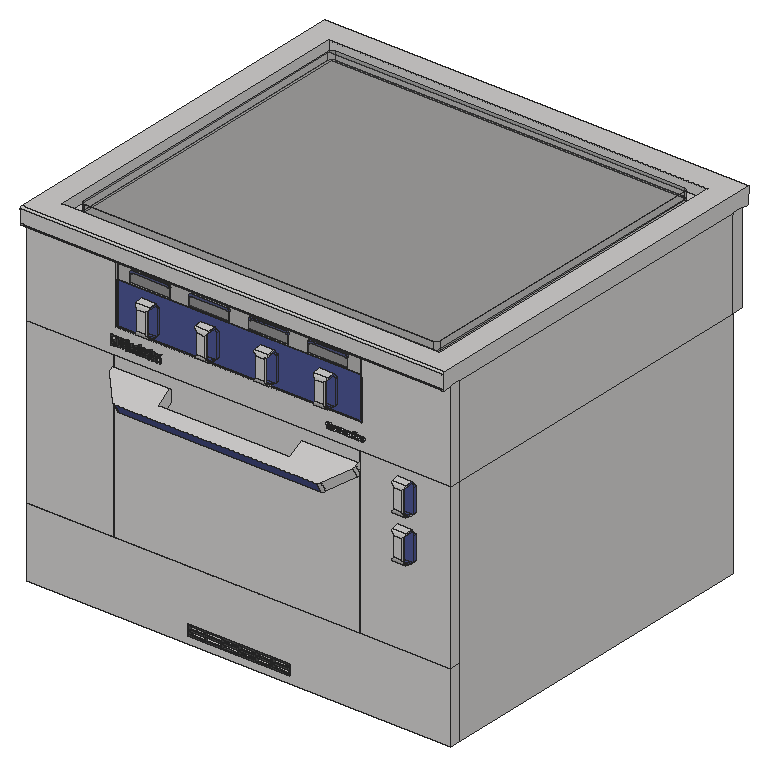
Revit family "QF_ELECTROLUXPROFESSIONAL_589668_MCIMFAJ8AO", category Attrezzature speciali, Revit 2020
Family settings
  Quota connettore circolare = Usa diametro
  Tipo di parte = Normale
  Basato su piano di lavoro = No
  Sempre verticale = Sì
  Taglio con vuoti quando caricato = No
  Condiviso = No
  Punto di calcolo locali = No
Parameters (values of type "Standard")
  Weight = 197.00 kg
  Watts = 25000 W
  Volts = 400 V
  URL Manufacturer = "https://www.electroluxprofessional.com/"
  URL = "https://www.electroluxprofessional.com/"
  Steam Supply Size = 0"
  Steam Supply Minimum Pressure = 0.00 psi
  Steam Supply Maximum Pressure = 0.00 psi
  Steam Consumption per Hour = 0
  Refrigeration Suction Line Size = 0 mm
  Refrigeration Liquid Line Size = 0 mm
  Refrigerant Compressor Remote = yes
  Prospetto di default = 0 mm
  Phase = 3
  Modello = "MCIMFAJ8AO"
  Produttore = "Electrolux Professional"
  Length Actual = 1000 mm  # constant formula
  Item Number = "589668"
  Hot Water Size = 0"
  Height Actual = 800 mm  # constant formula
  HP = "33.5 HP"
  Gas Size = 0"
  Gas KW = 0
  Gas Input Pressure = 0.0 Btu/h
  Direct Waste Size = 0"
  Descrizione = "INDUCTION,4Z,ST.OVEN,1S,1000X900X800H"
  Depth Actual = 900 mm  # constant formula
  Cycle = 50 Hz
  Condensate Return Size = 0"
  Compressed Air Volume = 0 GPM
  Compressed Air Size = 0"
  Compressed Air Pressure = 0.00 psi
  Cold Water Size = 0"
  Accessory = yes
Reference planes
  plane 1 "BACK": y = 0
  plane 2: z = 0
  plane 3 "LEFT": x = -100
  plane 4 "RIGHT": x = 900
  plane 5 "FRONT": y = -900
  plane 6 "TOP": z = 900
  plane 7 "Center (Left/Right)": x = 400
  plane 8: y = -450
  plane 9: z = 100
  plane 10: y = -150
  plane 11 "Panel": y = -855
  plane 12: z = 798
  plane 13: z = 1327
  plane 14: x = -22
  plane 15: x = 822
  plane 16: y = -150
  plane 17: y = -650
  plane 18 "EIx": x = 855
  plane 19 "EIy": y = -685
  plane 20: y = -880
  plane 21: z = 938
Forms (mm)
  Extrusion 1, solid, material "QF_Finishes_Stainless Steel"
    sketch origin (-178.969, -4572, 100) x (-1, 0, 0) y (0, -1, 0)
      loop
        line (-78.969, -4527) -> (-78.969, -3717) -> (-1078.969, -3717) -> (-1078.969, -4527) -> (-78.969, -4527)
    from 550 to 763
  Extrusion 2, solid, material "QF_Finishes_Stainless Steel"
    sketch origin (-100, 0, 0) x (0, 1, 0) y (0, 0, 1)
      loop
        line (-855, 100) -> (-855, 265) -> (-880, 265) -> (-880, 100) -> (-855, 100)
    from 0 to 1000
  Extrusion 3, solid, material "QF_Finishes_Stainless Steel"
    sketch origin (-488.969, -4662, 100) x (-1, 0, 0) y (0, -1, 0)
      loop
        circle (-1343.969, -3977) r 6.35
    from 0 to -11.851
  Extrusion 4, solid, material "QF_Finishes_Stainless Steel"
    sketch origin (400, 296.4, 1219.2) x (0, 1, 0) y (0, 0, 1)
      loop
        line (-296.4, -319.2) -> (-1191.4, -319.2)
        arc (-1191.4, -319.2) -> (-1194.935, -320.664) -> (-1196.4, -324.2) r 5
        line (-1196.4, -324.2) -> (-1196.4, -355.2)
        arc (-1196.4, -355.2) -> (-1194.971, -358.264) -> (-1191.705, -359.139) r 4
        line (-1191.705, -359.139) -> (-1176.4, -356.231) -> (-316.4, -356.231) -> (-301.094, -359.139)
        arc (-301.094, -359.139) -> (-297.829, -358.264) -> (-296.4, -355.2) r 4
        line (-296.4, -355.2) -> (-296.4, -319.2)
    from -500 to 500
  Extrusion 5, solid, material "QF_Finishes_Electrolux_Black Smoke Iluminated"
    sketch origin (0, 0, 900) x (-1, 0, 0) y (0, -1, 0)
      loop
        arc (12, 79) -> (19.071, 81.929) -> (22, 89) r 10
        line (22, 89) -> (22, 810)
        arc (22, 810) -> (19.071, 817.071) -> (12, 820) r 10
        line (12, 820) -> (-812, 820)
        arc (-812, 820) -> (-819.071, 817.071) -> (-822, 810) r 10
        line (-822, 810) -> (-822, 89)
        arc (-822, 89) -> (-819.071, 81.929) -> (-812, 79) r 10
        line (-812, 79) -> (12, 79)
    from 0 to -20
  Extrusion 6, solid, material "QF_Finishes_Stainless Steel"
    sketch origin (-178.969, -4572, 100) x (-1, 0, 0) y (0, -1, 0)
      loop
        line (-78.969, -4527) -> (-78.969, -3717) -> (-1078.969, -3717) -> (-1078.969, -4527) -> (-78.969, -4527)
    from 550 to 0
  Extrusion 7, void
    sketch origin (0, -855, 0) x (-1, 0, 0) y (0, 0, 1)
      loop
        line (-520, 116.594) -> (-280, 116.594) -> (-280, 141.594) -> (-520, 141.594) -> (-520, 116.594)
    from 0 to -25
  Extrusion 8, solid, material "QF_Finishes_Black"
    sketch origin (0, -855, 0) x (-1, 0, 0) y (0, 0, 1)
      loop
        line (-280, 141.594) -> (-520, 141.594) -> (-520, 116.594) -> (-280, 116.594) -> (-280, 141.594)
      loop
        line (-282, 139.594) -> (-319.131, 139.594) -> (-319.131, 130.094) -> (-282, 130.094) -> (-282, 139.594)
      loop
        line (-282, 118.594) -> (-282, 128.094) -> (-319.131, 128.094) -> (-319.131, 118.594) -> (-282, 118.594)
      loop
        line (-321.131, 139.594) -> (-359.066, 139.594) -> (-359.066, 130.094) -> (-321.131, 130.094) -> (-321.131, 139.594)
      loop
        line (-399, 139.594) -> (-399, 130.094) -> (-361.066, 130.094) -> (-361.066, 139.594) -> (-399, 139.594)
      loop
        line (-401, 139.594) -> (-438.934, 139.594) -> (-438.934, 130.094) -> (-401, 130.094) -> (-401, 139.594)
      loop
        line (-359.066, 118.594) -> (-321.131, 118.594) -> (-321.131, 128.094) -> (-359.066, 128.094) -> (-359.066, 118.594)
      loop
        line (-361.066, 118.594) -> (-361.066, 128.094) -> (-399, 128.094) -> (-399, 118.594) -> (-361.066, 118.594)
      loop
        line (-401, 128.094) -> (-438.934, 128.094) -> (-438.934, 118.594) -> (-401, 118.594) -> (-401, 128.094)
      loop
        line (-518, 139.594) -> (-518, 130.094) -> (-480.869, 130.094) -> (-480.869, 139.594) -> (-518, 139.594)
      loop
        line (-518, 118.594) -> (-480.869, 118.594) -> (-480.869, 128.094) -> (-518, 128.094) -> (-518, 118.594)
      loop
        line (-478.869, 139.594) -> (-478.869, 130.094) -> (-440.934, 130.094) -> (-440.934, 139.594) -> (-478.869, 139.594)
      loop
        line (-440.934, 118.594) -> (-440.934, 128.094) -> (-478.869, 128.094) -> (-478.869, 118.594) -> (-440.934, 118.594)
    from -25.03 to -20
  Extrusion 9, void
    sketch origin (0, 0, 900) x (-1, 0, 0) y (0, -1, 0)
      loop
        line (47, 845) -> (-847, 845) -> (-847, 54) -> (47, 54) -> (47, 845)
    from 0 to -25
  Extrusion 10, solid, material "QF_Finishes_Stainless Steel"
    sketch origin (0, 0, 900) x (-1, 0, 0) y (0, -1, 0)
      loop
        line (18, 83) -> (18, 816) -> (-818, 816) -> (-818, 83) -> (18, 83)
    from -20 to -25
  Extrusion 11, solid, material "QF_Finishes_Stainless Steel"
    sketch origin (400, 296.4, 1219.2) x (0, 1, 0) y (0, 0, 1)
      loop
        line (-341.4, -569.2) -> (-316.4, -569.2) -> (-316.4, -356.231) -> (-341.4, -356.231) -> (-341.4, -569.2)
    from -500 to 500
Cuts and joins
  Extrusion 7 cuts Extrusion 6
  Extrusion 7 cuts Extrusion 2
  Extrusion 9 cuts Extrusion 4
Lines and regions (mm)
  symbolic lines
    curve 1: line (-100, 0, 100) -> (900, 0, 100)
    curve 2: line (-100, -900, 100) -> (-100, 0, 100)
    curve 3: line (900, -900, 100) -> (-100, -900, 100)
    curve 4: line (900, 0, 100) -> (900, -900, 100)
    curve 5: line (812, -79, 100) -> (-12, -79, 100)
    curve 6: line (-22, -89, 100) -> (-22, -810, 100)
    curve 7: line (-12, -820, 100) -> (812, -820, 100)
    curve 8: line (822, -810, 100) -> (822, -89, 100)
    curve 9: arc (-12, -79, 100) -> (-19.071, -81.929, 100) -> (-22, -89, 100) r 10
    curve 10: arc (822, -89, 100) -> (819.071, -81.929, 100) -> (812, -79, 100) r 10
    curve 11: arc (812, -820, 100) -> (819.071, -817.071, 100) -> (822, -810, 100) r 10
    curve 12: arc (-22, -810, 100) -> (-19.071, -817.071, 100) -> (-12, -820, 100) r 10
    curve 13: line (847, -54, 900) -> (-47, -54, 900)
    curve 14: line (-47, -54, 900) -> (-47, -845, 900)
    curve 15: line (847, -845, 900) -> (847, -54, 900)
    curve 16: line (-47, -845, 900) -> (847, -845, 900)
    curve 55: line (-100, -2, 900) -> (900, -2, 900)
  model lines
    curve 17: line (64.474, -422.012, 900) -> (46.796, -404.335, 900)
    curve 18: line (46.796, -404.335, 900) -> (46.796, -169.335, 900)
    curve 19: line (46.796, -169.335, 900) -> (64.474, -151.657, 900)
    curve 20: line (183.85, -245.603, 900) -> (183.85, -325.603, 900)
    curve 21: line (143.85, -285.603, 900) -> (223.85, -285.603, 900)
    curve 22: line (303.226, -422.012, 900) -> (320.903, -404.335, 900)
    curve 23: line (320.903, -404.335, 900) -> (320.903, -169.335, 900)
    curve 24: line (320.903, -169.335, 900) -> (303.226, -151.657, 900)
    curve 25: line (494.474, -422.012, 900) -> (476.796, -404.335, 900)
    curve 26: line (476.796, -404.335, 900) -> (476.796, -169.335, 900)
    curve 27: line (476.796, -169.335, 900) -> (494.474, -151.657, 900)
    curve 28: line (613.85, -245.603, 900) -> (613.85, -325.603, 900)
    curve 29: line (573.85, -285.603, 900) -> (653.85, -285.603, 900)
    curve 30: line (733.226, -422.012, 900) -> (750.903, -404.335, 900)
    curve 31: line (750.903, -404.335, 900) -> (750.903, -169.335, 900)
    curve 32: line (750.903, -169.335, 900) -> (733.226, -151.657, 900)
    curve 33: line (64.474, -477.988, 900) -> (46.796, -495.665, 900)
    curve 34: line (46.796, -495.665, 900) -> (46.796, -730.665, 900)
    curve 35: line (46.796, -730.665, 900) -> (64.474, -748.343, 900)
    curve 36: line (183.85, -654.397, 900) -> (183.85, -574.397, 900)
    curve 37: line (143.85, -614.397, 900) -> (223.85, -614.397, 900)
    curve 38: line (303.226, -477.988, 900) -> (320.903, -495.665, 900)
    curve 39: line (320.903, -495.665, 900) -> (320.903, -730.665, 900)
    curve 40: line (320.903, -730.665, 900) -> (303.226, -748.343, 900)
    curve 41: line (494.474, -477.988, 900) -> (476.796, -495.665, 900)
    curve 42: line (476.796, -495.665, 900) -> (476.796, -730.665, 900)
    curve 43: line (476.796, -730.665, 900) -> (494.474, -748.343, 900)
    curve 44: line (613.85, -654.397, 900) -> (613.85, -574.397, 900)
    curve 45: line (573.85, -614.397, 900) -> (653.85, -614.397, 900)
    curve 46: line (733.226, -477.988, 900) -> (750.903, -495.665, 900)
    curve 47: line (750.903, -495.665, 900) -> (750.903, -730.665, 900)
    curve 48: line (750.903, -730.665, 900) -> (733.226, -748.343, 900)
    curve 49: line (-7.896, -110.891, 900) -> (13.317, -89.677, 900)
    curve 50: line (13.317, -89.677, 900) -> (786.683, -89.677, 900)
    curve 51: line (807.896, -110.891, 900) -> (786.683, -89.677, 900)
    curve 52: line (-7.896, -789.109, 900) -> (13.317, -810.323, 900)
    curve 53: line (13.317, -810.323, 900) -> (786.683, -810.323, 900)
    curve 54: line (807.896, -789.109, 900) -> (786.683, -810.323, 900)
Dimensions and locks
  plane 3 "LEFT" to plane 4 "RIGHT" = 1000 mm
  plane 5 "FRONT" to plane 1 "BACK" = 900 mm
  plane 3 "LEFT" to plane 7 "Center (Left/Right)" to plane 4 "RIGHT" = 500 mm, 500 mm
  equal spacing: plane 5 "FRONT", plane 8, plane 1 "BACK"
  plane 6 "TOP" to level = 900 mm  (x2)
  plane 9 to level = 100 mm
  plane 1 "BACK" to plane 10 to plane 11 "Panel" = 150 mm, 705 mm  (x2)
  plane 6 "TOP" to plane 9 to level = 800 mm, 100 mm
  plane 1 "BACK" to plane 5 "FRONT" = 900 mm
  plane 1 "BACK" to Extrusion 3 = 685 mm
  plane 12 to plane 9 = 698 mm
  plane 13 to plane 6 "TOP" = 427 mm
  plane 6 "TOP" to plane 12 = 102 mm
  plane 14 to plane 3 "LEFT" = 78 mm
  plane 15 to plane 4 "RIGHT" = 78 mm
  locked: plane 1 "BACK" to plane 16 at 150
  locked: plane 16 to plane 17 at 500
  plane 11 "Panel" to plane 5 "FRONT" = 45 mm
  plane 18 "EIx" to plane 4 "RIGHT" = 45 mm
  plane 19 "EIy" to plane 1 "BACK" = 685 mm
  locked: plane 11 "Panel" to plane 20 at 25
  plane 21 to plane 6 "TOP" = 38 mm
  aligned and locked: level to plane 2
  aligned and locked: Extrusion 2 to plane 4 "RIGHT"
  aligned and locked: cut or joined group of Extrusion 4, Extrusion 9 to plane 3 "LEFT"
  aligned and locked: cut or joined group of Extrusion 4, Extrusion 9 to plane 4 "RIGHT"
  aligned and locked: cut or joined group of Extrusion 6, Extrusion 7 to plane 4 "RIGHT"
  aligned and locked: cut or joined group of Extrusion 6, Extrusion 7 to plane 3 "LEFT"
  aligned and locked: nested 1 to plane 11 "Panel"
  aligned and locked: nested 4 to plane 11 "Panel"
  aligned and locked: Extrusion 1 to plane 11 "Panel"
  aligned and locked: plane 11 "Panel" to cut or joined group of Extrusion 2, Extrusion 7
  aligned and locked: nested 2 to plane 20
  aligned and locked: nested 3 to plane 20
  aligned and locked: Extrusion 1 to plane 3 "LEFT"
  aligned and locked: Extrusion 1 to plane 4 "RIGHT"
  aligned and locked: plane 3 "LEFT" to nested 1
Automatic sketch dimensions
  Extrusion 3 sketch curve to plane 18 "EIx" = 0 mm
  Extrusion 3 sketch curve to plane 19 "EIy" = 0 mm
  Extrusion 4 sketch curve to plane 5 "FRONT" = 0 mm
  Extrusion 4 sketch curve to plane 6 "TOP" = 0 mm
  Extrusion 4 sketch curve to plane 20 = 0 mm
  Extrusion 4 sketch curve to plane 1 "BACK" = 0 mm
  Extrusion 4 sketch curve to Extrusion 4 sketch curve = 4 mm
  Extrusion 4 sketch curve to Extrusion 4 sketch curve = 0.695 mm
  Extrusion 4 sketch curve to plane 5 "FRONT" = 5 mm
  plane 1 "BACK" to Extrusion 4 sketch curve = 20 mm
  plane 1 "BACK" to Extrusion 4 sketch curve = 4.695 mm
  plane 1 "BACK" to Extrusion 4 sketch curve = 4 mm
  Extrusion 4 sketch curve to Extrusion 4 sketch curve = 31 mm
  Extrusion 4 sketch curve to Extrusion 4 sketch curve = 36 mm
  Extrusion 4 sketch curve to Extrusion 4 sketch curve = 2.909 mm
  Extrusion 1 sketch curve to plane 4 "RIGHT" = 0 mm
  Extrusion 1 sketch curve to plane 3 "LEFT" = 0 mm
  Extrusion 1 sketch curve to plane 11 "Panel" = 0 mm
  plane 1 "BACK" to Extrusion 1 sketch curve = 45 mm
  Extrusion 2 sketch curve to plane 9 = 0 mm
  Extrusion 2 sketch curve to plane 20 = 0 mm
  Extrusion 2 sketch curve to plane 11 "Panel" = 0 mm
  plane 9 to Extrusion 2 sketch curve = 165 mm
  plane 1 "BACK" to curve 1 = 0 mm
  curve 1 to plane 4 "RIGHT" = 0 mm
  curve 8 to plane 15 = 0 mm
  curve 6 to plane 14 = 0 mm
  curve 2 to plane 3 "LEFT" = 0 mm
  plane 5 "FRONT" to curve 3 = 0 mm
  plane 15 to curve 5 = 10 mm
  plane 15 to curve 11 = 10 mm
  curve 5 to plane 14 = 10 mm
  curve 12 to curve 12 = 10 mm
  plane 10 to curve 5 = 71 mm
  plane 11 "Panel" to curve 11 = 45 mm
  Extrusion 5 sketch curve to plane 15 = 0 mm
  Extrusion 5 sketch curve to plane 14 = 0 mm
  plane 15 to Extrusion 5 sketch curve = 10 mm  (x2)
  Extrusion 5 sketch curve to Extrusion 5 sketch curve = 10 mm  (x2)
  plane 10 to Extrusion 5 sketch curve = 71 mm
  plane 11 "Panel" to Extrusion 5 sketch curve = 45 mm
  Extrusion 6 sketch curve to plane 4 "RIGHT" = 0 mm
  Extrusion 6 sketch curve to plane 3 "LEFT" = 0 mm
  Extrusion 6 sketch curve to plane 11 "Panel" = 0 mm
  plane 1 "BACK" to Extrusion 6 sketch curve = 45 mm
  plane 9 to Extrusion 7 sketch curve = 41.594 mm
  plane 7 "Center (Left/Right)" to Extrusion 7 sketch curve = 120 mm
  Extrusion 7 sketch curve to plane 7 "Center (Left/Right)" = 120 mm
  plane 9 to Extrusion 7 sketch curve = 16.594 mm
  plane 9 to Extrusion 8 sketch curve = 41.594 mm
  plane 7 "Center (Left/Right)" to Extrusion 8 sketch curve = 120 mm
  Extrusion 8 sketch curve to Extrusion 8 sketch curve = 2 mm  (x16)
  Extrusion 8 sketch curve to Extrusion 8 sketch curve = 0 mm  (x15)
  Extrusion 8 sketch curve to Extrusion 8 sketch curve = 37.131 mm  (x2)
  Extrusion 8 sketch curve to Extrusion 8 sketch curve = 37.934 mm  (x3)
  plane 7 "Center (Left/Right)" to Extrusion 8 sketch curve = 1 mm  (x2)
  Extrusion 8 sketch curve to plane 7 "Center (Left/Right)" = 1 mm  (x2)
  plane 9 to Extrusion 8 sketch curve = 18.594 mm  (x4)
  Extrusion 8 sketch curve to Extrusion 8 sketch curve = 9.5 mm  (x6)
  plane 18 "EIx" to Extrusion 9 sketch curve = 8 mm
  plane 14 to Extrusion 9 sketch curve = 25 mm
  plane 1 "BACK" to Extrusion 9 sketch curve = 54 mm
  plane 11 "Panel" to Extrusion 9 sketch curve = 10 mm
  plane 15 to Extrusion 10 sketch curve = 4 mm
  Extrusion 10 sketch curve to plane 14 = 4 mm
  plane 10 to Extrusion 10 sketch curve = 67 mm
  plane 11 "Panel" to Extrusion 10 sketch curve = 39 mm
  plane 18 "EIx" to curve 15 = 8 mm
  plane 15 to curve 51 = 35.317 mm
  plane 15 to curve 53 = 35.317 mm
  curve 32 to plane 10 = 19.335 mm
  plane 15 to curve 32 = 71.097 mm
  plane 15 to curve 48 = 71.097 mm
  plane 7 "Center (Left/Right)" to curve 26 = 76.796 mm
  plane 7 "Center (Left/Right)" to curve 42 = 76.796 mm
  curve 38 to plane 7 "Center (Left/Right)" = 79.097 mm
  curve 23 to plane 10 = 19.335 mm
  curve 23 to plane 7 "Center (Left/Right)" = 79.097 mm
  curve 35 to plane 14 = 68.796 mm
  curve 17 to plane 14 = 68.796 mm
  curve 50 to plane 14 = 35.317 mm
  curve 53 to plane 14 = 35.317 mm
  plane 14 to curve 14 = 25 mm
  plane 10 to curve 49 = 60.323 mm
  plane 1 "BACK" to curve 15 = 54 mm
  curve 18 to plane 10 = 19.335 mm
  curve 27 to plane 10 = 19.335 mm
  plane 8 to curve 18 = 45.665 mm
  plane 8 to curve 26 = 45.665 mm
  plane 8 to curve 23 = 45.665 mm
  plane 8 to curve 30 = 45.665 mm
  curve 34 to plane 8 = 45.665 mm
  curve 42 to plane 8 = 45.665 mm
  curve 38 to plane 8 = 45.665 mm
  curve 46 to plane 8 = 45.665 mm
  curve 42 to plane 19 "EIy" = 45.665 mm
  curve 39 to plane 19 "EIy" = 45.665 mm
  curve 34 to plane 19 "EIy" = 45.665 mm
  curve 48 to plane 19 "EIy" = 45.665 mm
  plane 11 "Panel" to curve 54 = 44.677 mm
  plane 11 "Panel" to curve 16 = 10 mm
  plane 15 to curve 51 = 14.104 mm
  plane 15 to curve 54 = 14.104 mm
  curve 32 to plane 10 = 1.657 mm
  curve 31 to curve 32 = 17.678 mm
  curve 46 to plane 8 = 27.988 mm
  curve 46 to curve 46 = 17.678 mm
  curve 47 to curve 48 = 17.678 mm  (x2)
  plane 8 to curve 30 = 27.988 mm
  curve 30 to curve 30 = 17.678 mm
  curve 45 to plane 17 = 35.603 mm
  curve 47 to curve 45 = 97.053 mm
  curve 31 to curve 29 = 97.053 mm
  curve 45 to curve 44 = 40 mm
  curve 29 to curve 28 = 40 mm  (x2)
  curve 28 to curve 29 = 40 mm  (x2)
  curve 44 to curve 45 = 40 mm  (x2)
  curve 43 to curve 42 = 17.678 mm
  curve 41 to plane 8 = 27.988 mm
  curve 41 to curve 41 = 17.678 mm
  curve 27 to plane 10 = 1.657 mm
  curve 27 to curve 26 = 17.678 mm
  plane 8 to curve 25 = 27.988 mm
  curve 25 to curve 25 = 17.678 mm
  curve 38 to plane 8 = 27.988 mm
  curve 38 to curve 38 = 17.678 mm
  curve 39 to curve 40 = 17.678 mm  (x2)
  plane 8 to curve 22 = 27.988 mm
  curve 22 to curve 22 = 17.678 mm
  curve 24 to plane 10 = 1.657 mm
  curve 23 to curve 24 = 17.678 mm
  curve 37 to plane 17 = 35.603 mm
  curve 39 to curve 37 = 97.053 mm
  curve 23 to curve 21 = 97.053 mm
  curve 21 to curve 20 = 40 mm  (x2)
  curve 37 to curve 36 = 40 mm
  curve 20 to curve 21 = 40 mm  (x2)
  curve 36 to curve 37 = 40 mm  (x2)
  plane 8 to curve 17 = 27.988 mm
  curve 17 to curve 17 = 17.678 mm
  curve 33 to plane 8 = 27.988 mm
  curve 33 to curve 33 = 17.678 mm
  curve 35 to curve 34 = 17.678 mm
  curve 19 to plane 10 = 1.657 mm
  curve 19 to curve 18 = 17.678 mm
  curve 49 to plane 14 = 14.104 mm
  curve 52 to plane 14 = 14.104 mm
  curve 50 to curve 51 = 21.213 mm
  curve 49 to curve 49 = 21.213 mm
  curve 20 to plane 10 = 95.603 mm
  curve 28 to plane 10 = 95.603 mm
  plane 17 to curve 36 = 4.397 mm
  plane 17 to curve 44 = 4.397 mm
  curve 42 to curve 43 = 17.678 mm
  curve 34 to curve 35 = 17.678 mm
  curve 54 to curve 54 = 21.213 mm
  curve 52 to curve 52 = 21.213 mm
  plane 1 "BACK" to Extrusion 11 sketch curve = 45 mm
  plane 1 "BACK" to Extrusion 11 sketch curve = 20 mm
  Extrusion 11 sketch curve to plane 12 = 148 mm
  Extrusion 11 sketch curve to plane 6 "TOP" = 37.031 mm
  radius of Extrusion 3 sketch curve = 6.35 mm
Nested families
  nested 1: "Door_Panel_W1000_A" at (400, -855, 0), type "Door_Panel_W1000_A"
  nested 2: "FIT Range Control Handle" at (795, -883.137, -372.751), type "FIT Range Control Handle"
  nested 3: "FIT Range Control Handle" at (795, -883.137, -474.751), type "FIT Range Control Handle"
  nested 4: "Front_Panel_W1000_4 Knobs" at (102.376, -855, 0), type "Front_Panel_W1000_4 Knobs"
Connectors
  electrical at (855, -685, 88.149)
    settings: on Extrusion 3, index 1, voltage 400 V, apparent load 33000 VA, apparent load phase1 0 VA, apparent load phase2 0 VA, apparent load phase3 0 VA, power factor 1, load classification "Other", number of poles 1, system type 30, power factor state 1, is connector primary yes, connector utility no, sub classification motor no, connector description "ELECTRICAL CONNECTION"
Definition of nested family "Door_Panel_W1000_A"
  Parameters
    Default Elevation = 0 mm
  Reference planes
    plane 1 "Center (Front/Back)": y = 0
    plane 2 "Ref. Level": z = 0
    plane 3: x = 500
    plane 4: x = -500
    plane 5 "Center (Left/Right)": x = 0
    plane 6: x = -295
    plane 7: x = 285
    plane 8 "Manopola": through (-6096, -50.059, 612.389) normal (0, -0.515, 0.8572)
    plane 9 "Top": z = 650
    plane 10: z = 265
    plane 11: z = 200
  Forms (mm)
    Extrusion 1, solid
      sketch origin (0, 0, 0) x (0, 1, 0) y (0, 0, 1)
        loop
          line (-25.03, 650) -> (-25.03, 265) -> (0, 265) -> (0, 650) -> (-25.03, 650)
      from 285 to 500
    Extrusion 2, solid
      sketch origin (0, 0, 0) x (0, 1, 0) y (0, 0, 1)
        loop
          line (-25.03, 650) -> (-25.03, 265) -> (0, 265) -> (0, 650) -> (-25.03, 650)
      from -500 to -295
    Extrusion 3, solid
      sketch origin (0, 0, 0) x (0, 1, 0) y (0, 0, 1)
        loop
          line (-25.03, 650) -> (-25.03, 265) -> (0, 265) -> (0, 650) -> (-25.03, 650)
      from -295 to 285
    Extrusion 4, solid
      sketch origin (0, -283.633, 472.044) x (0, 0.857167, 0.515038) y (-1, 0, 0)
        loop
          line (299.12, -285) -> (299.12, 295) -> (290.982, 295)
          arc (290.982, 295) -> (286.677, 294.026) -> (283.211, 291.293) r 10
          line (283.211, 291.293) -> (233.28, 250.86)
          arc (233.28, 250.86) -> (230.548, 247.394) -> (229.574, 243.089) r 10
          line (229.574, 243.089) -> (229.574, -233.089)
          arc (229.574, -233.089) -> (230.548, -237.394) -> (233.28, -240.86) r 10
          line (233.28, -240.86) -> (283.211, -281.293)
          arc (283.211, -281.293) -> (286.677, -284.026) -> (290.982, -285) r 10
          line (290.982, -285) -> (299.12, -285)
      from -27 to 0
    Extrusion 5, void
      sketch origin (0, 0, 0) x (0, 1, 0) y (0, 0, 1)
        loop
          line (-61.514, 605.507) -> (-47.608, 582.363) -> (-25.03, 595.93) -> (-25.03, 627.429) -> (-61.514, 605.507)
      from -160 to 150
    Extrusion 6, solid, detail levels coarse
      sketch origin (0, 0, 0) x (0, 1, 0) y (0, 0, 1)
        loop
          line (-25.03, 265) -> (-25.03, 650)
          arc (-25.03, 650) -> (-297.266, 537.236) -> (-410.03, 265) r 385
          line (-410.03, 265) -> (-25.03, 265)
      from -295 to 285
  Cuts and joins
    Extrusion 5 cuts Extrusion 4
    joined: Extrusion 3, Extrusion 4
  Lines and regions (mm)
    symbolic lines
      curve 1: line (-287.355, -45.043, 0) -> (-250.86, -83.673, 0)
      curve 2: line (-243.089, -86.85, 0) -> (233.089, -86.85, 0)
      curve 3: line (240.86, -83.673, 0) -> (277.355, -45.043, 0)
      curve 4: arc (-243.089, -86.85, 0) -> (-247.318, -86.101, 0) -> (-250.86, -83.673, 0) r 10.165
      curve 5: arc (233.089, -86.85, 0) -> (237.318, -86.101, 0) -> (240.86, -83.673, 0) r 10.165
      curve 6: line (-295, -45.043, 0) -> (-295, -410.03, 0)
      curve 7: line (-295, -410.03, 0) -> (285, -410.03, 0)
      curve 8: line (285, -410.03, 0) -> (285, -45.03, 0)
  Dimensions and locks
    plane 3 to plane 4 = 1000 mm
    plane 4 to plane 3 = 1000 mm
    equal spacing: plane 3, plane 5 "Center (Left/Right)", plane 4
    plane 6 to plane 4 = 205 mm
    plane 3 to plane 7 = 215 mm
    plane 11 to level = 200 mm
    plane 10 to plane 11 = 65 mm
    plane 10 to plane 9 "Top" = 385 mm
    plane 9 "Top" to plane 11 = 450 mm
    aligned and locked: plane 3 to Extrusion 1
    aligned and locked: cut or joined group of Extrusion 3, Extrusion 4, Extrusion 5 to plane 6
    aligned and locked: cut or joined group of Extrusion 3, Extrusion 4, Extrusion 5 to plane 7
    aligned and locked: plane 7 to Extrusion 1
    aligned and locked: plane 6 to Extrusion 2
    aligned and locked: Extrusion 2 to plane 4
    aligned and locked: plane 10 to Extrusion 2
    aligned and locked: plane 10 to cut or joined group of Extrusion 3, Extrusion 4, Extrusion 5
    aligned and locked: plane 10 to Extrusion 1
    aligned and locked: Extrusion 6 to plane 6
    aligned and locked: Extrusion 6 to plane 7
  Automatic sketch dimensions
    Extrusion 5 sketch curve to plane 8 "Manopola" = 0 mm  (x2)
    plane 1 "Center (Front/Back)" to Extrusion 5 sketch curve = 61.514 mm
    Extrusion 5 sketch curve to Extrusion 5 sketch curve = 13.906 mm
    plane 1 "Center (Front/Back)" to Extrusion 5 sketch curve = 25.03 mm
    Extrusion 4 sketch curve to plane 7 = 0 mm
    Extrusion 4 sketch curve to plane 6 = 0 mm
    plane 6 to Extrusion 4 sketch curve = 51.911 mm
    plane 7 to Extrusion 4 sketch curve = 44.14 mm
    Extrusion 4 sketch curve to Extrusion 4 sketch curve = 3.707 mm  (x2)
    plane 6 to Extrusion 4 sketch curve = 44.14 mm
    plane 7 to Extrusion 4 sketch curve = 3.707 mm
    Extrusion 4 sketch curve to Extrusion 4 sketch curve = 49.93 mm  (x2)
    plane 6 to Extrusion 4 sketch curve = 3.707 mm
    Extrusion 4 sketch curve to Extrusion 4 sketch curve = 7.771 mm  (x3)
    Extrusion 4 sketch curve to Extrusion 4 sketch curve = 8.138 mm
    Extrusion 2 sketch curve to plane 1 "Center (Front/Back)" = 0 mm
    Extrusion 3 sketch curve to plane 1 "Center (Front/Back)" = 0 mm
    Extrusion 1 sketch curve to plane 1 "Center (Front/Back)" = 0 mm
    Extrusion 2 sketch curve to plane 9 "Top" = 0 mm
    Extrusion 2 sketch curve to Extrusion 2 sketch curve = 25.03 mm
    Extrusion 3 sketch curve to plane 9 "Top" = 0 mm
    Extrusion 3 sketch curve to Extrusion 3 sketch curve = 25.03 mm
    Extrusion 1 sketch curve to plane 9 "Top" = 0 mm
    plane 1 "Center (Front/Back)" to Extrusion 1 sketch curve = 25.03 mm
    level to Extrusion 1 sketch curve = 265 mm
    level to Extrusion 2 sketch curve = 265 mm
    level to Extrusion 3 sketch curve = 265 mm
    plane 10 to Extrusion 6 sketch curve = 0 mm
    Extrusion 6 sketch curve to plane 9 "Top" = 0 mm
    plane 1 "Center (Front/Back)" to Extrusion 6 sketch curve = 25.03 mm
    curve 7 to plane 7 = 0 mm
    plane 6 to curve 1 = 44.14 mm
    curve 4 to curve 4 = 7.389 mm
    curve 4 to curve 2 = 7.771 mm
    plane 7 to curve 2 = 51.911 mm
    curve 2 to curve 5 = 0.382 mm
    curve 2 to curve 3 = 7.771 mm
    plane 1 "Center (Front/Back)" to curve 6 = 410.03 mm
    plane 1 "Center (Front/Back)" to curve 2 = 86.85 mm
    curve 2 to curve 3 = 3.177 mm
    curve 2 to curve 1 = 3.177 mm
    plane 7 to curve 3 = 7.645 mm
    plane 1 "Center (Front/Back)" to curve 3 = 45.043 mm
    curve 3 to curve 8 = 0.013 mm
    curve 7 to plane 6 = 0 mm
    curve 6 to curve 1 = 7.645 mm
    plane 1 "Center (Front/Back)" to curve 1 = 45.043 mm
    curve 6 to curve 1 = 0 mm
Definition of nested family "FIT Range Control Handle"
  Parameters
    Default Elevation = 0 mm
  Reference planes
    plane 1 "Center (Front/Back)": y = 0
    plane 2: z = 0
    plane 3 "Center (Left/Right)": x = 0
    plane 4: z = 971.092
    plane 5: y = -16.8
  Forms (mm)
    Extrusion 1, solid
      sketch origin (-746.28, 380.497, 208.931) x (-1, 0, 0) y (0, 0, 1)
        loop
          line (-770.101, 786.798) -> (-770.101, 731.649)
          arc (-770.101, 731.649) -> (-769.759, 730.563) -> (-768.855, 729.87) r 1.893
          line (-768.855, 729.87) -> (-763.474, 727.911) -> (-729.81, 727.911) -> (-724.428, 729.87)
          arc (-724.428, 729.87) -> (-723.525, 730.563) -> (-723.183, 731.649) r 1.893
          line (-723.183, 731.649) -> (-723.183, 786.798)
          arc (-723.183, 786.798) -> (-723.529, 787.894) -> (-724.44, 788.593) r 1.91
          line (-724.44, 788.593) -> (-729.683, 790.819) -> (-763.601, 790.819) -> (-768.844, 788.593)
          arc (-768.844, 788.593) -> (-769.755, 787.894) -> (-770.101, 786.798) r 1.91
      from -382.35 to -378.852
    Sweep 2, solid
      path origin (-746.788, 380.496, 208.091) x (0, -1, 0) y (0, 0, 1)
        loop
          line (379.775, 793.281) -> (395.661, 791.048)
          arc (395.661, 791.048) -> (397.781, 787.377) -> (398.517, 783.202) r 12.207
          line (398.517, 783.202) -> (398.517, 737.368)
          arc (398.517, 737.368) -> (397.781, 733.193) -> (395.661, 729.522) r 12.207
          line (395.661, 729.522) -> (379.775, 727.289)
      profile origin (-746.788, -7.222, 1000.256) x (0, -0.139173, 0.990268) y (-1, 0, 0)
        loop
          line (0.782, -763.123) -> (0.782, -730.907) -> (-1.322, -730.907) -> (-1.322, -763.123) -> (0.782, -763.123)
    Sweep 3, solid
      path origin (-746.788, 380.715, 207.832) x (0, -1, 0) y (0, 0, 1)
        loop
          line (380.478, 795.442) -> (397.218, 793.09)
          arc (397.218, 793.09) -> (399.929, 788.473) -> (400.871, 783.202) r 15.207
          line (400.871, 783.202) -> (400.871, 737.584)
          arc (400.871, 737.584) -> (399.914, 732.274) -> (397.164, 727.633) r 15.207
          line (397.164, 727.633) -> (380.601, 725.305)
      profile origin (-746.788, -8.132, 1002.099) x (0, -0.139173, 0.990268) y (-1, 0, 0)
        loop
          line (0.782, -763.123) -> (0.782, -730.907) -> (-1.322, -730.907) -> (-1.322, -763.123) -> (0.782, -763.123)
    Extrusion 4, void
      sketch origin (889.253, 220.666, 207.993) x (1, 0, 0) y (0, 0, 1)
        loop
          line (-943.038, 816.854) -> (-943.038, 703.686) -> (-899.466, 734.196) -> (-899.466, 786.344) -> (-943.038, 816.854)
      from 230.636 to 242.25
    Extrusion 5, void
      sketch origin (-888.8, 220.666, 207.993) x (-1, 0, 0) y (0, 0, -1)
        loop
          line (-943.038, -816.854) -> (-899.466, -786.344) -> (-899.466, -734.196) -> (-943.038, -703.686) -> (-943.038, -816.854)
      from 230.636 to 242.25
    Extrusion 6, solid
      sketch origin (0, 0, 0) x (1, 0, 0) y (0, 0, 1)
        loop
          circle (0, 971.092) r 7.736
      from -3.137 to -1.645
  Cuts and joins
    Extrusion 4, Extrusion 5 cuts Sweep 3
    Extrusion 4, Extrusion 5 cuts Sweep 2
    joined: Extrusion 1, Extrusion 6
  Lines and regions (mm)
    symbolic lines
      curve 1: line (-15.881, -19.189, 0) -> (-15.881, -16.8, 0)
      curve 2: line (16.334, -19.189, 0) -> (16.334, -16.8, 0)
      curve 3: spline (-15.881, -19.189, 0) -> (-15.417, -19.349, 0) -> (-14.951, -19.501, 0) -> (-14.483, -19.646, 0) -> (-14.014, -19.783, 0) -> (-13.543, -19.912, 0) -> (-13.071, -20.033, 0) -> (-12.597, -20.146, 0) -> (-12.122, -20.251, 0) -> (-11.646, -20.349, 0) -> (-11.169, -20.438, 0) -> (-10.691, -20.52, 0) -> (-10.213, -20.593, 0)
      curve 4: spline (10.666, -20.593, 0) -> (11.144, -20.52, 0) -> (11.622, -20.438, 0) -> (12.099, -20.349, 0) -> (12.575, -20.251, 0) -> (13.05, -20.146, 0) -> (13.524, -20.033, 0) -> (13.996, -19.912, 0) -> (14.467, -19.783, 0) -> (14.936, -19.646, 0) -> (15.404, -19.501, 0) -> (15.87, -19.349, 0) -> (16.334, -19.189, 0)
      curve 5: line (-10.213, -20.938, 0) -> (10.716, -20.938, 0)
  Dimensions and locks
    cut or joined group of Sweep 3, Extrusion 4, Extrusion 5 to cut or joined group of Sweep 3, Extrusion 4, Extrusion 5 = 71.686 mm
Definition of nested family "Front_Panel_W1000_4 Knobs"
  Parameters
    Default Elevation = 0 mm
  Reference planes
    plane 1 "Center (Front/Back)": y = 0
    plane 2: z = 0
    plane 3 "Center (Left/Right)": x = 297.624
    plane 4 "Left": x = -202.376
    plane 5 "Right": x = 797.624
    plane 6: y = -45
    plane 7: x = 87.624
    plane 8: x = 227.624
    plane 9: y = -310
    plane 10: y = -25
    plane 11: x = -2.376
    plane 12: x = 367.624
    plane 13: x = 507.624
    plane 14: x = 594.715
  Forms (mm)
    Extrusion 1, solid
      sketch origin (833.217, 829.203, -1.25) x (0, 1, 0) y (0, 0, 1)
        loop
          line (-854.203, 651.25) -> (-829.203, 651.25) -> (-829.203, 864.25) -> (-854.203, 864.25) -> (-854.203, 651.25)
      from -1035.593 to -35.593
    Extrusion 2, void
      sketch origin (0, 0, 0) x (1, 0, 0) y (0, 0, 1)
        loop
          line (7.624, 853.866) -> (7.624, 711.866) -> (587.624, 711.866) -> (587.624, 853.866) -> (7.624, 853.866)
      from 19.387 to 33.951
  Cuts and joins
    Extrusion 2 cuts Extrusion 1
  Lines and regions (mm)
    symbolic lines
      curve 1: line (131.124, -45, 0) -> (131.124, -310, 0)
      curve 2: line (131.124, -310, 0) -> (464.124, -310, 0)
      curve 3: line (235.966, -310, 0) -> (240.646, -334.075, 0)
      curve 4: line (240.646, -334.075, 0) -> (354.603, -334.075, 0)
      curve 5: line (354.603, -334.075, 0) -> (359.283, -310, 0)
      curve 6: line (464.124, -310, 0) -> (464.124, -45, 0)
      curve 7: line (131.124, -300, 0) -> (464.124, -300, 0)
      curve 8: line (240.874, -309.046, 0) -> (244.767, -329.075, 0)
      curve 9: line (244.767, -329.075, 0) -> (350.481, -329.075, 0)
      curve 10: line (350.481, -329.075, 0) -> (354.375, -309.046, 0)
  Dimensions and locks
    equal spacing: plane 5 "Right", plane 3 "Center (Left/Right)", plane 4 "Left"
    plane 5 "Right" to plane 4 "Left" = 1000 mm
    plane 3 "Center (Left/Right)" to plane 7 = 210 mm
    plane 3 "Center (Left/Right)" to plane 8 = 70 mm
    plane 6 to plane 9 = 265 mm
    plane 13 to plane 3 "Center (Left/Right)" = 210 mm
    plane 12 to plane 3 "Center (Left/Right)" = 70 mm
    aligned and locked: cut or joined group of Extrusion 1, Extrusion 2 to plane 4 "Left"
    aligned and locked: plane 5 "Right" to cut or joined group of Extrusion 1, Extrusion 2
    aligned and locked: plane 3 "Center (Left/Right)" to nested 2
    aligned and locked: cut or joined group of Extrusion 1, Extrusion 2 to nested 2
  Automatic sketch dimensions
    Extrusion 1 sketch curve to plane 1 "Center (Front/Back)" = 0 mm
    level to Extrusion 1 sketch curve = 650 mm
    plane 4 "Left" to Extrusion 2 sketch curve = 210 mm
    Extrusion 2 sketch curve to plane 5 "Right" = 210 mm
    level to Extrusion 2 sketch curve = 711.866 mm
    Extrusion 2 sketch curve to Extrusion 2 sketch curve = 142 mm
    plane 6 to curve 1 = 0 mm
    plane 6 to curve 6 = 0 mm
    plane 9 to curve 1 = 0 mm
    plane 7 to curve 1 = 43.5 mm
    curve 4 to plane 9 = 24.075 mm
    plane 8 to curve 4 = 13.021 mm
    curve 3 to curve 8 = 4.122 mm
    plane 3 "Center (Left/Right)" to curve 4 = 56.979 mm
    curve 4 to curve 2 = 109.521 mm
    plane 8 to curve 3 = 8.342 mm
    curve 3 to curve 8 = 4.908 mm
    curve 9 to curve 4 = 4.122 mm
    curve 10 to plane 9 = 19.075 mm
    curve 9 to curve 5 = 8.801 mm
    plane 9 to curve 10 = 0.954 mm
    curve 10 to curve 5 = 4.908 mm
    curve 3 to curve 8 = 0.954 mm
    curve 1 to curve 7 = 10 mm
    Extrusion 1 sketch curve to plane 6 = 20 mm
    Extrusion 1 sketch curve to Extrusion 1 sketch curve = 213 mm
  Nested families
    nested 1: "Range Control Handle" at (87.624, -28.137, -209.113) x (-1, 0, 0) z (0, 0, 1), type "Range Control Handle"
    nested 2: "Front glass control panel W1000" at (297.624, 280.644, 2.752), type "Front glass control panel W1000"
    nested 3: "Range Control Handle" at (227.624, -28.137, -209.113) x (-1, 0, 0) z (0, 0, 1), type "Range Control Handle"
    nested 4: "Range Control Handle" at (367.624, -28.137, -209.113), type "Range Control Handle"
    nested 5: "Range Control Handle" at (507.624, -28.137, -209.113), type "Range Control Handle"
    nested 6: "ELX_ThermaLine_Small" at (546.122, -25, 679.426) x (1, 0, 0) z (0, -1, 0), type "ELX_ThermaLine_Small"
      with Show Logo yes, Material_Logo none
    nested 7: "ELX_Professional_Logo_Small" at (57.11, -25, 681.659) x (1, 0, 0) z (0, -1, 0), type "ELX_Professional_Logo_Small"
      with Show Logo yes, Material_Logo none
  Definition of nested family "Range Control Handle"
    Parameters
      Default Elevation = 0 mm
    Reference planes
      plane 1 "Center (Front/Back)": y = 0
      plane 2: z = 0
      plane 3 "Center (Left/Right)": x = 0
      plane 4: z = 971.092
      plane 5: y = -16.9
    Forms (mm)
      Extrusion 1, solid
        sketch origin (-746.28, 380.497, 208.931) x (-1, 0, 0) y (0, 0, 1)
          loop
            line (-770.101, 786.798) -> (-770.101, 731.649)
            arc (-770.101, 731.649) -> (-769.759, 730.563) -> (-768.855, 729.87) r 1.893
            line (-768.855, 729.87) -> (-763.474, 727.911) -> (-729.81, 727.911) -> (-724.428, 729.87)
            arc (-724.428, 729.87) -> (-723.525, 730.563) -> (-723.183, 731.649) r 1.893
            line (-723.183, 731.649) -> (-723.183, 786.798)
            arc (-723.183, 786.798) -> (-723.529, 787.894) -> (-724.44, 788.593) r 1.91
            line (-724.44, 788.593) -> (-729.683, 790.819) -> (-763.601, 790.819) -> (-768.844, 788.593)
            arc (-768.844, 788.593) -> (-769.755, 787.894) -> (-770.101, 786.798) r 1.91
        from -382.35 to -378.852
      Sweep 2, solid
        path origin (-746.788, 380.496, 208.091) x (0, -1, 0) y (0, 0, 1)
          loop
            line (379.775, 793.281) -> (395.661, 791.048)
            arc (395.661, 791.048) -> (397.781, 787.377) -> (398.517, 783.202) r 12.207
            line (398.517, 783.202) -> (398.517, 737.368)
            arc (398.517, 737.368) -> (397.781, 733.193) -> (395.661, 729.522) r 12.207
            line (395.661, 729.522) -> (379.775, 727.289)
        profile origin (-746.788, -7.222, 1000.256) x (0, -0.139173, 0.990268) y (-1, 0, 0)
          loop
            line (0.782, -763.123) -> (0.782, -730.907) -> (-1.322, -730.907) -> (-1.322, -763.123) -> (0.782, -763.123)
      Sweep 3, solid
        path origin (-746.788, 380.715, 207.832) x (0, -1, 0) y (0, 0, 1)
          loop
            line (380.478, 795.442) -> (397.218, 793.09)
            arc (397.218, 793.09) -> (399.929, 788.473) -> (400.871, 783.202) r 15.207
            line (400.871, 783.202) -> (400.871, 737.584)
            arc (400.871, 737.584) -> (399.914, 732.274) -> (397.164, 727.633) r 15.207
            line (397.164, 727.633) -> (380.601, 725.305)
        profile origin (-746.788, -8.132, 1002.099) x (0, -0.139173, 0.990268) y (-1, 0, 0)
          loop
            line (0.782, -763.123) -> (0.782, -730.907) -> (-1.322, -730.907) -> (-1.322, -763.123) -> (0.782, -763.123)
      Extrusion 4, void
        sketch origin (889.253, 220.666, 207.993) x (1, 0, 0) y (0, 0, 1)
          loop
            line (-943.038, 816.854) -> (-943.038, 703.686) -> (-899.466, 734.196) -> (-899.466, 786.344) -> (-943.038, 816.854)
        from 230.636 to 242.25
      Extrusion 5, void
        sketch origin (-888.8, 220.666, 207.993) x (-1, 0, 0) y (0, 0, -1)
          loop
            line (-943.038, -816.854) -> (-899.466, -786.344) -> (-899.466, -734.196) -> (-943.038, -703.686) -> (-943.038, -816.854)
        from 230.636 to 242.25
      Extrusion 6, solid
        sketch origin (0, 0, 0) x (1, 0, 0) y (0, 0, 1)
          loop
            circle (0, 971.092) r 7.736
        from -3.137 to -1.645
    Cuts and joins
      Extrusion 4, Extrusion 5 cuts Sweep 3
      Extrusion 4, Extrusion 5 cuts Sweep 2
      joined: Extrusion 1, Extrusion 6
    Lines and regions (mm)
      symbolic lines
        curve 1: line (16.334, -16.9, 0) -> (16.334, -19.227, 0)
        curve 2: spline (16.334, -19.227, 0) -> (15.87, -19.385, 0) -> (15.404, -19.536, 0) -> (14.936, -19.678, 0) -> (14.466, -19.813, 0) -> (13.995, -19.94, 0) -> (13.523, -20.059, 0) -> (13.049, -20.171, 0) -> (12.575, -20.274, 0) -> (12.099, -20.37, 0) -> (11.622, -20.458, 0) -> (11.144, -20.537, 0) -> (10.666, -20.609, 0)
        curve 3: line (10.666, -16.9, 0) -> (10.666, -20.938, 0)
        curve 4: line (-10.213, -20.938, 0) -> (10.666, -20.938, 0)
        curve 5: line (-10.213, -20.938, 0) -> (-10.213, -16.9, 0)
        curve 6: spline (-10.213, -20.609, 0) -> (-10.691, -20.537, 0) -> (-11.169, -20.458, 0) -> (-11.646, -20.37, 0) -> (-12.122, -20.274, 0) -> (-12.597, -20.171, 0) -> (-13.07, -20.059, 0) -> (-13.542, -19.94, 0) -> (-14.013, -19.813, 0) -> (-14.483, -19.678, 0) -> (-14.951, -19.536, 0) -> (-15.417, -19.385, 0) -> (-15.881, -19.227, 0)
        curve 7: line (-15.881, -19.227, 0) -> (-15.881, -16.9, 0)
  Definition of nested family "Front glass control panel W1000"
    Parameters
      Default Elevation = 0 mm
    Reference planes
      plane 1 "Center (Front/Back)": y = 0
      plane 2: z = 0
      plane 3 "Center (Left/Right)": x = 0
    Forms (mm)
      Extrusion 1, solid
        sketch origin (378.286, 0, 0.617) x (1, 0, 0) y (0, 0, 1)
          loop
            line (-668.286, 806.791) -> (-668.286, 708.497) -> (-88.286, 708.497) -> (-88.286, 806.791) -> (-668.286, 806.791)
        from 300.031 to 304.8
      Extrusion 2, solid
        sketch origin (378.286, 0, 0.617) x (1, 0, 0) y (0, 0, 1)
          loop
            line (-668.286, 850.497) -> (-668.286, 806.791) -> (-88.286, 806.791) -> (-88.286, 850.497) -> (-668.286, 850.497)
        from 300.031 to 304.8
      Extrusion 3, void
        sketch origin (378.286, 0, 0.617) x (1, 0, 0) y (0, 0, 1)
          loop
            line (-665.628, 847.565) -> (-665.628, 710.699) -> (-91.196, 710.699) -> (-91.196, 847.565) -> (-665.628, 847.565)
        from 303.697 to 304.8
      Extrusion 4, solid
        sketch origin (-378.333, 1.101, -0.633) x (-1, 0, 0) y (0, 0, -1)
          loop
            line (-261.431, -812.62) -> (-355.186, -812.62) -> (-355.186, -834.177) -> (-350.269, -834.177) -> (-348.469, -835.977) -> (-268.039, -835.977) -> (-266.24, -834.177) -> (-261.431, -834.177) -> (-261.431, -812.62)
        from 304.798 to 306.745
      Extrusion 5, solid
        sketch origin (-378.333, 1.101, -0.633) x (-1, 0, 0) y (0, 0, -1)
          loop
            line (-350.269, -834.177) -> (-355.078, -834.177)
            arc (-355.078, -834.177) -> (-353.942, -838.747) -> (-349.686, -840.763) r 5.5
            line (-349.686, -840.763) -> (-266.98, -840.763)
            arc (-266.98, -840.763) -> (-262.706, -838.752) -> (-261.529, -834.177) r 5.549
            line (-261.529, -834.177) -> (-266.24, -834.177) -> (-268.039, -835.977) -> (-348.469, -835.977) -> (-350.269, -834.177)
        from 304.798 to 306.745
      Extrusion 6, solid
        sketch origin (-518.333, 1.101, -0.633) x (-1, 0, 0) y (0, 0, -1)
          loop
            line (-261.431, -812.62) -> (-355.186, -812.62) -> (-355.186, -834.177) -> (-350.269, -834.177) -> (-348.469, -835.977) -> (-268.039, -835.977) -> (-266.24, -834.177) -> (-261.431, -834.177) -> (-261.431, -812.62)
        from 304.798 to 306.745
      Extrusion 7, solid
        sketch origin (-518.333, 1.101, -0.633) x (-1, 0, 0) y (0, 0, -1)
          loop
            line (-350.269, -834.177) -> (-355.078, -834.177)
            arc (-355.078, -834.177) -> (-353.942, -838.747) -> (-349.686, -840.763) r 5.5
            line (-349.686, -840.763) -> (-266.98, -840.763)
            arc (-266.98, -840.763) -> (-262.706, -838.752) -> (-261.529, -834.177) r 5.549
            line (-261.529, -834.177) -> (-266.24, -834.177) -> (-268.039, -835.977) -> (-348.469, -835.977) -> (-350.269, -834.177)
        from 304.798 to 306.745
      Extrusion 8, solid
        sketch origin (378.333, 1.101, -0.633) x (1, 0, 0) y (0, 0, 1)
          loop
            line (-261.431, 812.62) -> (-261.431, 834.177) -> (-266.24, 834.177) -> (-268.039, 835.977) -> (-348.469, 835.977) -> (-350.269, 834.177) -> (-355.186, 834.177) -> (-355.186, 812.62) -> (-261.431, 812.62)
        from 304.798 to 306.745
      Extrusion 9, solid
        sketch origin (378.333, 1.101, -0.633) x (1, 0, 0) y (0, 0, 1)
          loop
            line (-350.269, 834.177) -> (-348.469, 835.977) -> (-268.039, 835.977) -> (-266.24, 834.177) -> (-261.529, 834.177)
            arc (-261.529, 834.177) -> (-262.706, 838.752) -> (-266.98, 840.763) r 5.549
            line (-266.98, 840.763) -> (-349.686, 840.763)
            arc (-349.686, 840.763) -> (-353.942, 838.747) -> (-355.078, 834.177) r 5.5
            line (-355.078, 834.177) -> (-350.269, 834.177)
        from 304.798 to 306.745
      Extrusion 10, solid
        sketch origin (518.333, 1.101, -0.633) x (1, 0, 0) y (0, 0, 1)
          loop
            line (-261.431, 812.62) -> (-261.431, 834.177) -> (-266.24, 834.177) -> (-268.039, 835.977) -> (-348.469, 835.977) -> (-350.269, 834.177) -> (-355.186, 834.177) -> (-355.186, 812.62) -> (-261.431, 812.62)
        from 304.798 to 306.745
      Extrusion 11, solid
        sketch origin (518.333, 1.101, -0.633) x (1, 0, 0) y (0, 0, 1)
          loop
            line (-350.269, 834.177) -> (-348.469, 835.977) -> (-268.039, 835.977) -> (-266.24, 834.177) -> (-261.529, 834.177)
            arc (-261.529, 834.177) -> (-262.706, 838.752) -> (-266.98, 840.763) r 5.549
            line (-266.98, 840.763) -> (-349.686, 840.763)
            arc (-349.686, 840.763) -> (-353.942, 838.747) -> (-355.078, 834.177) r 5.5
            line (-355.078, 834.177) -> (-350.269, 834.177)
        from 304.798 to 306.745
    Cuts and joins
      Extrusion 3 cuts Extrusion 1
      Extrusion 3 cuts Extrusion 2
    Dimensions and locks
      aligned and locked: Extrusion 1 to Extrusion 2
      aligned and locked: Extrusion 5 sketch curve to Extrusion 4  (x5)
      aligned and locked: Extrusion 5 to Extrusion 4
      aligned and locked: Extrusion 7 sketch curve to Extrusion 6  (x5)
      aligned and locked: Extrusion 7 to Extrusion 6
      aligned and locked: Extrusion 9 sketch curve to Extrusion 8  (x4)
      aligned and locked: Extrusion 8 to Extrusion 9 sketch curve
      aligned and locked: Extrusion 9 to Extrusion 8
      aligned and locked: Extrusion 11 sketch curve to Extrusion 10  (x4)
      aligned and locked: Extrusion 10 to Extrusion 11 sketch curve
      aligned and locked: Extrusion 11 to Extrusion 10
  Definition of nested family "ELX_ThermaLine_Small"
    Parameters
      Show Logo [instance] = yes
      Material_Logo [instance] = none
      Default Elevation = 0 mm
    Reference planes
      plane 1 "Centro (Fronte/Retro)": y = 0
      plane 2: z = 0
      plane 3 "Centro (Sinistra/Destra)": x = 0
    Forms (mm)
      Extrusion 1, solid
        sketch origin (0, 0, 0) x (1, 0, 0) y (0, 1, 0)
          loop
            line (-1219.2, 1219.2) -> (-1219.2, -1219.2) -> (1219.2, -1219.2) -> (1219.2, 1219.2) -> (-1219.2, 1219.2)
        from 0 to -304.8
      Extrusion 2, solid
        sketch origin (0, 0, 0) x (1, 0, 0) y (0, 1, 0)
          loop
            line (-37.494, 1.229) -> (-35.908, 1.229) -> (-35.908, 3.066) -> (-37.494, 3.066) -> (-37.494, 6.221) -> (-39.867, 4.881) -> (-39.867, 3.066) -> (-40.969, 3.066) -> (-40.969, 1.229) -> (-39.867, 1.229) -> (-39.867, -3.407)
            arc (-39.867, -3.407) -> (-38.982, -5.513) -> (-36.751, -6.001) r 2.478
            line (-36.751, -6.001) -> (-35.638, -5.7) -> (-35.9, -3.835) -> (-36.661, -4.039)
            arc (-36.661, -4.039) -> (-37.236, -3.924) -> (-37.494, -3.399) r 0.662
            line (-37.494, -3.399) -> (-37.494, 1.229)
          loop
            line (-34.242, 6.539) -> (-34.242, -5.848) -> (-31.854, -5.848) -> (-31.854, -0.078)
            arc (-31.854, -0.078) -> (-30.939, 1.249) -> (-29.33, 1.367) r 1.866
            arc (-29.33, 1.367) -> (-28.695, 0.768) -> (-28.461, -0.073) r 1.627
            line (-28.461, -0.073) -> (-28.461, -5.848) -> (-26.086, -5.848) -> (-26.064, -0.46)
            arc (-26.064, -0.46) -> (-26.261, 0.932) -> (-26.786, 2.237) r 5.825
            arc (-26.786, 2.237) -> (-29.381, 3.264) -> (-31.854, 1.971) r 3.353
            line (-31.854, 1.971) -> (-31.854, 6.539) -> (-34.242, 6.539)
          loop
            arc (-18.398, -0.598) -> (-18.893, 0.879) -> (-20.326, 1.487) r 1.897
            arc (-20.326, 1.487) -> (-21.461, 0.708) -> (-21.897, -0.598) r 2.164
            line (-21.897, -0.598) -> (-18.398, -0.598)
          loop
            arc (-16.021, -2.044) -> (-16.754, 1.227) -> (-19.444, 3.226) r 4.814
            arc (-19.444, 3.226) -> (-22.137, 2.788) -> (-23.943, 0.743) r 4.054
            arc (-23.943, 0.743) -> (-24.382, -1.249) -> (-24.162, -3.276) r 6.289
            arc (-24.162, -3.276) -> (-23.302, -4.71) -> (-21.958, -5.705) r 4.28
            arc (-21.958, -5.705) -> (-18.558, -5.814) -> (-16.152, -3.409) r 4.28
            line (-16.152, -3.409) -> (-18.5, -2.995)
            arc (-18.5, -2.995) -> (-19.273, -3.994) -> (-20.533, -4.076) r 1.536
            arc (-20.533, -4.076) -> (-21.56, -3.281) -> (-21.958, -2.044) r 2.197
            line (-21.958, -2.044) -> (-16.021, -2.044)
          loop
            line (-14.165, -5.848) -> (-11.819, -5.848) -> (-11.819, -2.138)
            arc (-11.819, -2.138) -> (-11.787, -1.156) -> (-11.637, -0.185) r 8.18
            arc (-11.637, -0.185) -> (-10.644, 0.972) -> (-9.132, 0.776) r 1.603
            line (-9.132, 0.776) -> (-8.419, 2.846)
            arc (-8.419, 2.846) -> (-10.432, 3.118) -> (-11.994, 1.821) r 2.527
            line (-11.994, 1.821) -> (-11.994, 3.094) -> (-14.165, 3.094) -> (-14.165, -5.848)
          loop
            line (-7.579, 3.094) -> (-7.579, -5.848) -> (-5.178, -5.848) -> (-5.178, -0.756)
            arc (-5.178, -0.756) -> (-4.727, 0.679) -> (-3.417, 1.419) r 2.05
            arc (-3.417, 1.419) -> (-2.499, 0.908) -> (-2.155, -0.085) r 1.471
            line (-2.155, -0.085) -> (-2.155, -5.848) -> (0.23, -5.848) -> (0.23, -1.001)
            arc (0.23, -1.001) -> (0.47, 0.127) -> (1.148, 1.061) r 2.775
            arc (1.148, 1.061) -> (2.225, 1.329) -> (3.05, 0.587) r 1.182
            arc (3.05, 0.587) -> (3.199, -0.019) -> (3.214, -0.642) r 2.894
            line (3.214, -0.642) -> (3.214, -5.848) -> (5.601, -5.848) -> (5.601, 0.261)
            arc (5.601, 0.261) -> (4.87, 2.263) -> (2.976, 3.241) r 2.932
            arc (2.976, 3.241) -> (1.284, 2.973) -> (-0.047, 1.896) r 3.309
            arc (-0.047, 1.896) -> (-1.116, 2.865) -> (-2.506, 3.258) r 3.16
            arc (-2.506, 3.258) -> (-4.105, 2.942) -> (-5.376, 1.92) r 3.419
            line (-5.376, 1.92) -> (-5.376, 3.094) -> (-7.579, 3.094)
          loop
            line (7.583, 0.738) -> (9.702, 0.364)
            arc (9.702, 0.364) -> (11.441, 1.492) -> (12.855, -0.023) r 1.613
            line (12.855, -0.023) -> (9.782, -0.789)
            arc (9.782, -0.789) -> (8.559, -1.346) -> (7.617, -2.305) r 3.687
            arc (7.617, -2.305) -> (7.499, -3.681) -> (7.901, -5.003) r 3.651
            arc (7.901, -5.003) -> (9.107, -5.766) -> (10.515, -6.006) r 3.635
            arc (10.515, -6.006) -> (11.898, -5.697) -> (13.067, -4.895) r 3.734
            line (13.067, -4.895) -> (13.376, -5.848) -> (15.75, -5.848) -> (15.212, -4.193) -> (15.212, 0.38)
            arc (15.212, 0.38) -> (14.897, 1.849) -> (13.818, 2.895) r 2.585
            arc (13.818, 2.895) -> (11.792, 3.442) -> (9.719, 3.11) r 5.005
            arc (9.719, 3.11) -> (8.369, 2.178) -> (7.583, 0.738) r 3.54
          loop
            line (19.723, -5.848) -> (22.233, -5.848) -> (24.854, 6.484) -> (22.345, 6.484) -> (19.723, -5.848)
          loop
            line (24.583, -5.848) -> (26.953, -5.848) -> (28.848, 3.066) -> (26.478, 3.066) -> (24.583, -5.848)
          loop
            line (27.204, 6.484) -> (26.741, 4.305) -> (29.111, 4.305) -> (29.575, 6.484) -> (27.204, 6.484)
          loop
            line (29.355, -5.848) -> (31.849, -5.848) -> (33.098, 0.028)
            arc (33.098, 0.028) -> (34.169, 1.306) -> (35.832, 1.422) r 2.132
            arc (35.832, 1.422) -> (36.324, 0.752) -> (36.383, -0.078) r 1.5
            line (36.383, -0.078) -> (35.157, -5.848) -> (37.536, -5.848) -> (38.936, 0.738)
            arc (38.936, 0.738) -> (38.775, 2.091) -> (37.825, 3.066) r 2.118
            arc (37.825, 3.066) -> (35.392, 3.175) -> (33.295, 1.937) r 4.271
            line (33.295, 1.937) -> (33.535, 3.066) -> (31.25, 3.066) -> (29.355, -5.848)
          loop
            line (42.792, -0.64) -> (46.589, -0.64)
            arc (46.589, -0.64) -> (46.639, 0.124) -> (46.327, 0.823) r 1.589
            arc (46.327, 0.823) -> (45.117, 1.521) -> (43.762, 1.183) r 1.865
            arc (43.762, 1.183) -> (43.141, 0.344) -> (42.792, -0.64) r 3.538
          loop
            line (42.565, -2.138) -> (48.593, -2.138)
            arc (48.593, -2.138) -> (48.58, 0.597) -> (46.983, 2.818) r 4.494
            arc (46.983, 2.818) -> (44.191, 3.28) -> (41.725, 1.891) r 4.26
            arc (41.725, 1.891) -> (40.503, -0.3) -> (40.284, -2.799) r 6.003
            arc (40.284, -2.799) -> (40.959, -4.468) -> (42.377, -5.576) r 3.482
            arc (42.377, -5.576) -> (44.265, -5.961) -> (46.152, -5.576) r 4.823
            arc (46.152, -5.576) -> (47.432, -4.731) -> (48.328, -3.485) r 4.245
            line (48.328, -3.485) -> (46.168, -3.105)
            arc (46.168, -3.105) -> (45.214, -4.072) -> (43.859, -4.181) r 1.953
            arc (43.859, -4.181) -> (42.821, -3.408) -> (42.565, -2.138) r 1.81
          loop
            line (12.868, -1.553) -> (10.216, -2.214)
            arc (10.216, -2.214) -> (9.747, -3.136) -> (10.216, -4.058) r 1.14
            arc (10.216, -4.058) -> (11.537, -4.249) -> (12.614, -3.46) r 1.763
            arc (12.614, -3.46) -> (12.858, -2.522) -> (12.868, -1.553) r 3.97
        from 0 to 1.6
    Dimensions and locks
      aligned and locked: plane 2 to Extrusion 1
      aligned and locked: level to Extrusion 1
  Definition of nested family "ELX_Professional_Logo_Small"
    Parameters
      Show Logo [instance] = yes
      Material_Logo [instance] = none
      Default Elevation = 0 mm
    Reference planes
      plane 1 "Centro (Fronte/Retro)": y = 0
      plane 2: z = 0
      plane 3 "Centro (Sinistra/Destra)": x = 0
    Forms (mm)
      Extrusion 1, solid
        sketch origin (0, 0, 0) x (1, 0, 0) y (0, 1, 0)
          loop
            line (-1219.2, 1219.2) -> (-1219.2, -1219.2) -> (1219.2, -1219.2) -> (1219.2, 1219.2) -> (-1219.2, 1219.2)
        from 0 to -304.8
      Extrusion 2, solid, material <- "Material_Logo"
        sketch origin (15.5, 0, 0) x (1, 0, 0) y (0, 1, 0)
          loop
            spline (-42.99, -1.24) -> (-43.195, -1.231) -> (-43.415, -1.203) -> (-43.642, -1.152) -> (-43.87, -1.074) -> (-44.095, -0.966) -> (-44.309, -0.825) -> (-44.506, -0.647) -> (-44.681, -0.429) -> (-44.828, -0.167) -> (-44.94, 0.142) -> (-45.011, 0.501) -> (-45.037, 0.915)
            line (-45.037, 0.915) -> (-45.037, 2.748) -> (-38.984, 2.748) -> (-38.984, 5.086) -> (-45.038, 5.086) -> (-45.038, 8.489) -> (-38.599, 8.489) -> (-38.599, 10.82) -> (-47.515, 10.82) -> (-47.515, 1.021)
            spline (-47.515, 1.021) -> (-47.493, 0.418) -> (-47.425, -0.15) -> (-47.311, -0.682) -> (-47.15, -1.175) -> (-46.939, -1.628) -> (-46.678, -2.038) -> (-46.365, -2.404) -> (-46, -2.723) -> (-45.58, -2.995) -> (-45.105, -3.216) -> (-44.573, -3.385) -> (-43.983, -3.499)
            line (-43.983, -3.499) -> (-43.01, -3.569) -> (-38.426, -3.569) -> (-38.426, -1.24) -> (-42.99, -1.24)
          loop
            line (-36.666, 4.021) -> (-36.666, -3.573) -> (-34.188, -3.573) -> (-34.188, 10.824) -> (-36.666, 10.824) -> (-36.666, 4.021)
          loop
            spline (-21.915, 1.897) -> (-21.957, 2.615) -> (-22.082, 3.303) -> (-22.285, 3.955) -> (-22.563, 4.564) -> (-22.913, 5.124) -> (-23.331, 5.629) -> (-23.814, 6.074) -> (-24.359, 6.451) -> (-24.961, 6.755) -> (-25.618, 6.98) -> (-26.326, 7.119) -> (-27.081, 7.167)
            spline (-27.081, 7.167) -> (-27.853, 7.122) -> (-28.586, 6.99) -> (-29.275, 6.774) -> (-29.915, 6.478) -> (-30.5, 6.104) -> (-31.024, 5.657) -> (-31.483, 5.138) -> (-31.871, 4.553) -> (-32.182, 3.904) -> (-32.411, 3.194) -> (-32.552, 2.427) -> (-32.6, 1.606)
